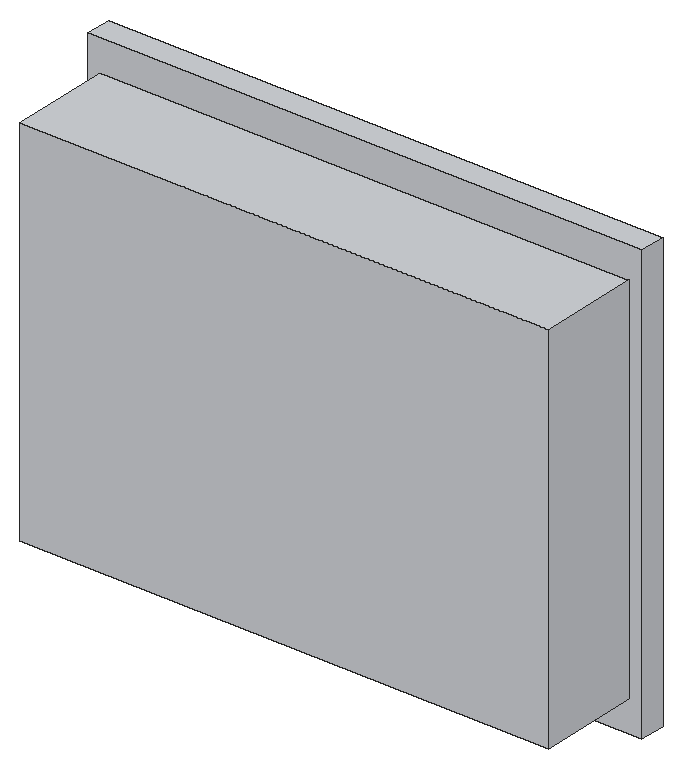
Revit family "Delta OP betjeningspanel - innfelt", category Electrical Equipment, Revit 2013
Parameters
  Width 2 = Width - 15 mm  # 310 mm
  Width = 325 mm
  Up [instance] = yes
  Symbol Positive Direction [instance] = yes
  Symbol Offset Side [instance] = 0 mm
  Reference Line Out [instance] = 50 mm
  Symbol Offset Out [instance] = 0 mm
  Material = none
  Height 1 = Height - 37 mm  # 220 mm
  Height = 257 mm
  Down [instance] = not(Up)  # no
  Depth = 59 mm
Reference planes
  plane 1 "Center (Front/Back)": y = 0
  plane 2: z = 0
  plane 3 "Center (Left/Right)": x = 0
  plane 4: y = 15
  plane 5: y = -59
  plane 6: x = -162.5
  plane 7: x = 162.5
  plane 8: x = -155
  plane 9: x = 155
  plane 10: z = 128.5
  plane 11: z = -128.5
  plane 12: z = 110
  plane 13: z = -110
Forms (mm)
  Extrusion 1, solid, material <- "Material"
    sketch origin (0, 0, 0) x (1, 0, 0) y (0, 1, 0)
      loop
        line (-162.5, 15) -> (-162.5, 0) -> (162.5, 0) -> (162.5, 15) -> (-162.5, 15)
    from -128.5 to 128.5
  Extrusion 2, solid, material <- "Material"
    sketch origin (0, 0, 0) x (1, 0, 0) y (0, 0, 1)
      loop
        line (-155, 110) -> (-155, -110) -> (155, -110) -> (155, 110) -> (-155, 110)
    from 0 to 59
Lines and regions (mm)
  model lines, style "InvisibleLines"
    curve 1: line (0, 0, 0) -> (0, 50, 0)
Dimensions and locks
  equal spacing: plane 6, plane 3 "Center (Left/Right)", plane 7
  locked: plane 4 to plane 1 "Center (Front/Back)" at 15
  "Width": plane 6 to plane 7
  equal spacing: plane 8, plane 3 "Center (Left/Right)", plane 9
  "Width 2": plane 8 to plane 9
  equal spacing: plane 10, plane 2, plane 11
  "Height": plane 10 to plane 11
  equal spacing: plane 12, plane 2, plane 13
  "Height 1": plane 12 to plane 13
  "Depth": plane 5 to plane 1 "Center (Front/Back)"
  "Reference Line Out": plane 1 "Center (Front/Back)" to curve 1
  aligned and locked: level to plane 2
  aligned and locked: Extrusion 1 sketch curve to plane 4
  aligned and locked: plane 6 to Extrusion 1 sketch curve
  aligned and locked: Extrusion 1 sketch curve to plane 1 "Center (Front/Back)"
  aligned and locked: Extrusion 1 sketch curve to plane 7
  aligned and locked: plane 10 to Extrusion 1
  aligned and locked: Extrusion 1 to plane 11
  aligned and locked: Extrusion 2 sketch curve to plane 12
  aligned and locked: plane 8 to Extrusion 2 sketch curve
  aligned and locked: plane 13 to Extrusion 2 sketch curve
  aligned and locked: Extrusion 2 sketch curve to plane 9
  aligned and locked: Extrusion 2 to plane 5
  aligned and locked: plane 3 "Center (Left/Right)" to curve 1
  aligned and locked: plane 1 "Center (Front/Back)" to curve 1
  aligned and locked: plane 3 "Center (Left/Right)" to nested 1
  aligned and locked: plane 1 "Center (Front/Back)" to nested 1
  aligned and locked: plane 3 "Center (Left/Right)" to nested 2
  aligned and locked: plane 1 "Center (Front/Back)" to nested 2
Nested families
  nested 1: "Talevarslinglsentral S up" at (0, 0, 0), visible <- "Up", type "Type 1"
  nested 2: "Talevarslinglsentral S down" at (0, 0, 0), visible <- "Down", type "Type 1"
Connectors
  electrical at (0, 0, 0)
    settings: index 1, voltage 0 V, apparent load 0 VA, apparent load phase1 0 VA, apparent load phase2 0 VA, apparent load phase3 0 VA, power factor 1, load classification "Other", number of poles 1, system type 11, power factor state 1, is connector primary yes, connector utility no, sub classification motor no, connector description ""
Definition of nested family "Talevarslinglsentral S up"
  Parameters (values of type "Type 1")
    CQ Symbol Positive Direction = yes
    CQ Symbol Negative Direction = not(CQ Symbol Positive Direction)  # no
    CQ Symbol Offset Side = 0 mm
    CQ Symbol Offset Out = 0 mm
  Reference planes
    plane 1: y = 0
    plane 2: x = 0
  Dimensions and locks
    "CQ Symbol Offset Side": nested 2 to plane 2
    "CQ Symbol Offset Side": plane 2 to nested 1
    "CQ Symbol Offset Out": plane 1 to nested 1
    "CQ Symbol Offset Out": plane 1 to nested 2
  Nested families
    nested 1: "SentralSub" at (0, 0, 0), visible <- "CQ Symbol Positive Direction", type "Type 1"
    nested 2: "SentralSub" at (0, 0, 0), visible <- "CQ Symbol Negative Direction", type "Type 1"
  Definition of nested family "SentralSub"
    Reference planes
      plane 1: y = 0
      plane 2: x = 0
    Lines and regions (mm)
      detail lines
        curve 1: line (-4, 0, 0) -> (4, 0, 0)
        curve 2: line (4, 0, 0) -> (4, 4, 0)
        curve 3: line (4, 4, 0) -> (-4, 4, 0)
        curve 4: line (-4, 4, 0) -> (-4, 0, 0)
        curve 5: line (-3, 1.126, 0) -> (-2.75, 3.376, 0)
        curve 6: arc (-2.75, 3.376, 0) -> (-3, 3.626, 0) -> (-3.25, 3.376, 0) r 0.25
        curve 7: line (-3.25, 3.376, 0) -> (-3, 1.126, 0)
        curve 8: line (-3, 2.376, 0) -> (-3, 3.376, 0)
        curve 9: circle (-3, 0.649, 0) r 0.25 normal (0, 0, 1)
        curve 10: line (0, 4, 0) -> (0, 0, 0)
    Text (mm)
      text "B" at (1.38, 2.962, 0)
    Dimensions and locks
      aligned and locked: curve 10 to plane 2
Definition of nested family "Talevarslinglsentral S down"
  Parameters (values of type "Type 1")
    CQ Symbol Positive Direction = yes
    CQ Symbol Negative Direction = not(CQ Symbol Positive Direction)  # no
    CQ Symbol Offset Side = 0 mm
    CQ Symbol Offset Out = 0 mm
  Reference planes
    plane 1: y = 0
    plane 2: x = 0
  Dimensions and locks
    "CQ Symbol Offset Out": plane 1 to nested 1
    "CQ Symbol Offset Out": plane 1 to nested 2
    "CQ Symbol Offset Side": plane 2 to nested 2
    "CQ Symbol Offset Side": nested 1 to plane 2
  Nested families
    nested 1: "SentralDownSub" at (0, 0, 0), visible <- "CQ Symbol Negative Direction", type "Type 1"
    nested 2: "SentralDownSub" at (0, 0, 0), visible <- "CQ Symbol Positive Direction", type "Type 1"
  Definition of nested family "SentralDownSub"
    Reference planes
      plane 1: y = 0
      plane 2: x = 0
    Lines and regions (mm)
      detail lines
        curve 1: line (-4, 4, 0) -> (4, 4, 0)
        curve 2: line (4, 4, 0) -> (4, 0, 0)
        curve 3: line (4, 0, 0) -> (-4, 0, 0)
        curve 4: line (-4, 0, 0) -> (-4, 4, 0)
        curve 5: line (3, 2.874, 0) -> (2.75, 0.624, 0)
        curve 6: arc (2.75, 0.624, 0) -> (3, 0.374, 0) -> (3.25, 0.624, 0) r 0.25
        curve 7: line (3.25, 0.624, 0) -> (3, 2.874, 0)
        curve 8: line (3, 1.624, 0) -> (3, 0.624, 0)
        curve 9: circle (3, 3.351, 0) r 0.25 normal (0, 0, 1)
        curve 10: line (0, 4, 0) -> (0, 0, 0)
    Text (mm)
      text "B" at (-2.424, 2.956, 0)
